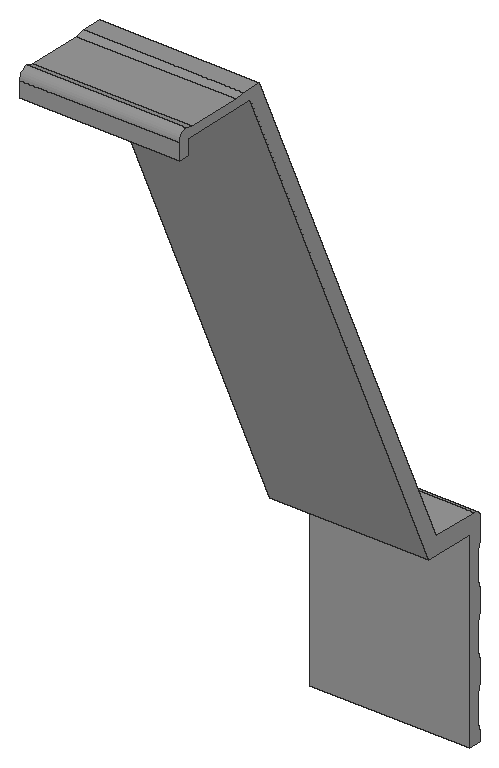
Revit family "Mounting Brackets PNR-05554", category Generic Models, Revit 2017
Family settings
  Can host rebar = No
  Round Connector Dimension = Use Diameter
  Part Type = Normal
  Work Plane-Based = Yes
  Always vertical = No
  Cut with Voids When Loaded = No
  Shared = No
  Room Calculation Point = No
Parameters (values of type "B2-R")
  Pendulum Visiblity = no
  Pendulum Start = 127.252 mm
  Pendulum Height [instance] = 250 mm
  Default Elevation = 1219.2 mm
  B2-SO-R = no
  B2-R = yes
  Mounting_Material = Aluminum 7175 T73 0 Hot Formed
  Model = "B2-R"
  Manufacturer = "Veko Lightsystems"
  Find - Bracket Article Number = "https://www.veko.com/images/documentation/products/Manual_Veko_linear_system_IP20-65_brackets.pdf"
  Description = "Mounting Brackets"
  Bracket_Width = 15 mm
  Copyright © IVLighting = "www.ivlighting.nl"
  Bracket Article Number = "*User Defined"
  Bolt_Visibility = no
  Bolt_Material = Brass, Soft Yellow, Welded
  Assembly Code = "63.0"
Types (3, lengths in mm): name | Pendulum Start | B2-SO-R | B2-R | Model
  (no name) | 127.252 | no | yes | "B2-R"
  B2-R | 127.252 | no | yes | "B2-R"
  B2-SO-R | 147.156 | yes | no | "B2-SO-R"
Reference planes
  plane 1 "Center (Front/Back)": y = 0
  plane 2: z = 0
  plane 3 "Center (Left/Right)": x = 0
Forms (mm)
  Extrusion 1, solid, visible <- "B2-SO-R"
    sketch origin (0, 0, 39.897) x (0, 1, 0) y (0, 0, 1)
      loop
        arc (31.527, 39.693) -> (31.34, 40.143) -> (30.889, 40.33) r 0.637
        line (30.889, 40.33) -> (26.342, 40.33) -> (0.65, 97.402) -> (0.65, 107.259) -> (-0.65, 107.259) -> (-0.65, 96.933) -> (25.582, 38.662) -> (30.312, 38.662) -> (30.313, 20.737) -> (31.527, 20.737) -> (31.527, 21.718) -> (31.25, 22.477) -> (31.25, 24.932) -> (31.527, 25.691) -> (31.527, 27.711) -> (31.25, 28.471) -> (31.25, 30.925) -> (31.527, 31.684) -> (31.527, 33.705) -> (31.25, 34.464) -> (31.25, 36.919) -> (31.527, 37.678) -> (31.527, 39.693)
    from -7.5 to 7.5
  Extrusion 2, solid, material "Aluminum 7175 T73 0 Hot Formed" <- "Mounting_Material", visible <- "B2-R"
    sketch origin (0, -0.233, -10.891) x (0, 1, 0) y (0, 0, 1)
      loop
        line (5.837, 138.361) -> (4.016, 138.361) -> (3.204, 138.144) -> (-1.915, 138.144) -> (-2.681, 138.349)
        arc (-2.681, 138.349) -> (-3.264, 138.02) -> (-3.495, 137.392) r 0.969
        line (-3.495, 137.392) -> (-3.495, 135.9) -> (-2.526, 135.9) -> (-2.526, 137.361) -> (4.784, 137.361) -> (25.815, 89.451) -> (30.545, 89.451) -> (30.545, 71.526) -> (31.759, 71.526) -> (31.759, 72.507) -> (31.483, 73.266) -> (31.483, 75.72) -> (31.759, 76.48) -> (31.759, 78.5) -> (31.483, 79.259) -> (31.483, 81.714) -> (31.759, 82.473) -> (31.759, 84.494) -> (31.483, 85.253) -> (31.483, 87.707) -> (31.759, 88.466) -> (31.759, 90.481)
        arc (31.759, 90.481) -> (31.573, 90.932) -> (31.122, 91.119) r 0.637
        line (31.122, 91.119) -> (26.575, 91.119) -> (5.837, 138.361)
    from -7.5 to 7.5
  Extrusion 3, solid, visible <- "Pendulum Visiblity"
    sketch origin (0, 0, 0) x (1, 0, 0) y (0, 1, 0)
      loop
        circle (0, 0) r 1
    from 127.252 to 250
Dimensions and locks
  equal spacing: Extrusion 2, plane 3 "Center (Left/Right)", Extrusion 2
  "Bracket_Width": Extrusion 2 to Extrusion 2
  equal spacing: Extrusion 1, plane 3 "Center (Left/Right)", Extrusion 1
  "Bracket_Width": Extrusion 1 to Extrusion 1
  "Pendulum Start": plane 2 to Extrusion 3
  "Pendulum Height": Extrusion 3 to plane 2
  aligned and locked: level to plane 2
Automatic sketch dimensions
  plane 1 "Center (Front/Back)" to Extrusion 2 sketch curve = 3.728 mm
  Extrusion 2 sketch curve to Extrusion 2 sketch curve = 0.814 mm
  Extrusion 2 sketch curve to Extrusion 2 sketch curve = 0.154 mm
  Extrusion 2 sketch curve to Extrusion 2 sketch curve = 0 mm  (x2)
  Extrusion 2 sketch curve to Extrusion 2 sketch curve = 0.766 mm
  Extrusion 2 sketch curve to plane 1 "Center (Front/Back)" = 2.971 mm
  Extrusion 2 sketch curve to Extrusion 2 sketch curve = 0.812 mm
  Extrusion 2 sketch curve to Extrusion 2 sketch curve = 1.821 mm
  Extrusion 2 sketch curve to plane 1 "Center (Front/Back)" = 25.582 mm
  Extrusion 2 sketch curve to Extrusion 2 sketch curve = 0.76 mm
  Extrusion 2 sketch curve to Extrusion 2 sketch curve = 3.97 mm
  Extrusion 2 sketch curve to Extrusion 2 sketch curve = 0.577 mm
  Extrusion 2 sketch curve to Extrusion 2 sketch curve = 0.938 mm  (x2)
  Extrusion 2 sketch curve to Extrusion 2 sketch curve = 0.276 mm  (x4)
  Extrusion 2 sketch curve to Extrusion 2 sketch curve = 0.012 mm
  Extrusion 2 sketch curve to Extrusion 2 sketch curve = 0.217 mm
  Extrusion 2 sketch curve to Extrusion 2 sketch curve = 0.031 mm
  Extrusion 2 sketch curve to Extrusion 2 sketch curve = 1.493 mm
  level to Extrusion 2 sketch curve = 80.227 mm
  Extrusion 2 sketch curve to Extrusion 2 sketch curve = 1.668 mm
  Extrusion 2 sketch curve to Extrusion 2 sketch curve = 0.985 mm
  Extrusion 2 sketch curve to Extrusion 2 sketch curve = 0.759 mm  (x6)
  Extrusion 2 sketch curve to Extrusion 2 sketch curve = 2.455 mm  (x3)
  Extrusion 2 sketch curve to Extrusion 2 sketch curve = 2.021 mm  (x2)
  Extrusion 2 sketch curve to Extrusion 2 sketch curve = 0.981 mm
  Extrusion 2 sketch curve to Extrusion 2 sketch curve = 0.768 mm
  plane 1 "Center (Front/Back)" to Extrusion 1 sketch curve = 0.65 mm
  Extrusion 1 sketch curve to plane 1 "Center (Front/Back)" = 0.65 mm
  Extrusion 1 sketch curve to plane 1 "Center (Front/Back)" = 25.582 mm
  Extrusion 1 sketch curve to Extrusion 1 sketch curve = 0.76 mm
  Extrusion 1 sketch curve to Extrusion 1 sketch curve = 3.97 mm
  Extrusion 1 sketch curve to Extrusion 1 sketch curve = 0.577 mm
  Extrusion 1 sketch curve to Extrusion 1 sketch curve = 0.938 mm  (x2)
  Extrusion 1 sketch curve to Extrusion 1 sketch curve = 0 mm
  Extrusion 1 sketch curve to Extrusion 1 sketch curve = 0.276 mm  (x4)
  Extrusion 1 sketch curve to Extrusion 1 sketch curve = 10.325 mm
  level to Extrusion 1 sketch curve = 80.227 mm
  Extrusion 1 sketch curve to Extrusion 1 sketch curve = 1.668 mm
  Extrusion 1 sketch curve to Extrusion 1 sketch curve = 0.985 mm
  Extrusion 1 sketch curve to Extrusion 1 sketch curve = 0.759 mm  (x6)
  Extrusion 1 sketch curve to Extrusion 1 sketch curve = 2.455 mm  (x3)
  Extrusion 1 sketch curve to Extrusion 1 sketch curve = 2.021 mm  (x2)
  Extrusion 1 sketch curve to Extrusion 1 sketch curve = 0.981 mm
  Extrusion 1 sketch curve to Extrusion 1 sketch curve = 0.469 mm
  Extrusion 1 sketch curve to Extrusion 1 sketch curve = 56.603 mm
  Extrusion 2 sketch curve to Extrusion 2 sketch curve = 44.781 mm
  plane 1 "Center (Front/Back)" to Extrusion 3 sketch curve = 0 mm
  Extrusion 3 sketch curve to plane 3 "Center (Left/Right)" = 0 mm
  radius of Extrusion 3 sketch curve = 1 mm
